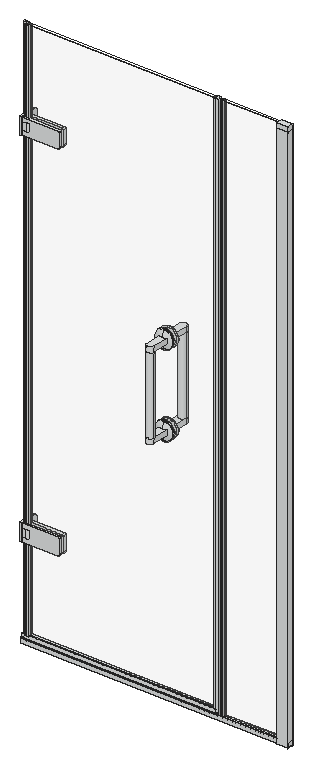
Revit family "Shower-Shower_Door-KOHLER-Components-K-27589_1", category Specialty Equipment, host Face, Revit 2017
Family settings
  Host = Face
  Round Connector Dimension = Use Diameter
  Part Type = Normal
  OmniClass Number = 23.31.17.17
  OmniClass Title = Shower Enclosures
  Cut with Voids When Loaded = No
  Shared = No
  Room Calculation Point = No
Parameters (values of type "SHP- Bright Polished Silver")
  Width [instance] = 34 3/8"
  WaterSense Certified = 1 = 0  # no
  URL = "https://www.us.kohler.com/us/"
  Type = 1
  Product Page URL = "http://www.us.kohler.com/us/catalog/productDetails.jsp?productId=27589-10L"
  Product Name = "Components\r\n"  # constant formula
  Product Documentation Link = "https://www.us.kohler.com/webassets/kpna/catalog/pdf/en/K-27589-10L_spec_US-CA_Kohler_en.pdf"
  Model = if(Type = 1, "K-27589-10L-SHP", if(Type = 2, "K-27589-10L-BNK", if(Type = 3, "K-27589-10L-BL", "NA")))  # "K-27589-10L-SHP"
  Material = "Anodized Aluminium"  # constant formula
  Master Format 2014 Name = "Shower Doors"  # constant formula
  Master Format 2014 = "10 28 19.16"  # constant formula
  Manufacturer Address = "444 Highland Dr, Kohler, WI 53044"  # constant formula
  Manufacturer = "KOHLER Co."  # constant formula
  Length = 6 1/8"  # constant formula
  Height = 71 9/16"  # constant formula
  Finish = Kohler-Metal-SHP-Bright_Polished_Silver
  Environmental Product Declaration = ""
  Description = "Frameless pivot shower door, 71-9/16 Inch H x 33-5/8 - 34-3/8 Inch W, with 3/8 Inch thick Crystal Clear glass"  # constant formula
  Default Elevation = 0"
  Declare Label = ""
  Date Modified = "02/03/2021"  # constant formula
  Date Created = "02/03/2021"  # constant formula
  Copyright = "Copyright KOHLER Co."  # constant formula
  Contact Us = "https://www.us.kohler.com/us/static/contact.jsp"
  Assembly Code = "C1030200"
  ADA Compliant = 1 = 0  # no
Reference planes (in)
  plane 1 "Center (Front/Back)": y = 0
  plane 2: z = 0
  plane 3 "Center (Left/Right)": x = 0
  plane 4: y = 3.0625
  plane 5: y = -3.0625
  plane 6: z = 71.5625
  plane 7: z = 30.6875
  plane 8: z = 41.875
  plane 9: x = 13.15698
  plane 10: x = 3.43258
  plane 11: x = 13.15698
  plane 12: x = -21.21802
  plane 13: x = -2.73189
  plane 14: x = -20.94242
  plane 15: x = -20.23414
  plane 16: x = -16.15537
Dimensions and locks (in)
  "Height": level to plane 6
  plane 8 to plane 7 = 11 3/16"  (x2)
  plane 7 to level = 30 11/16"
  plane 8 to level = 41 7/8"
  locked: plane 10 to plane 11 at 9.7244
  "Width": plane 12 to plane 11
  plane 14 to plane 10 = 24 3/8"
  "Length": plane 4 to plane 5
  plane 12 to plane 14 to plane 15 = 0.2756" locked, 0.70828" locked
  locked: plane 15 to plane 16 at 4.07877
  aligned and locked: plane 2 to host face
  aligned and locked: level to host face
  aligned and locked: plane 9 to nested 1
  aligned and locked: nested 1 to plane 12
Automatic sketch dimensions
  host sketch curve to host sketch curve = 96"  (x2)
Nested families (in)
  nested 1: "K-27589" at (0, 0, 0), type "K-27589"
    with A 34 3/8"
Definition of nested family "K-27589"
  Parameters (values of type "K-27589")
    Material = none
    A = 34 5/8"
  Reference planes (in)
    plane 1 "Center (Front/Back)": y = 0
    plane 2: z = 0
    plane 3 "Center (Left/Right)": x = 0
    plane 4: y = 5.09727
    plane 5: x = -21.46802
    plane 6: z = 71.5625
    plane 7: z = 0.70775
    plane 8: y = -0.35321
    plane 9: y = 0.41651
    plane 10: z = 41.875
    plane 11: z = 30.6875
    plane 12: y = -0.39671
    plane 13: x = -21.19242
    plane 14: x = -16.40537
    plane 15: x = -20.48414
    plane 16: x = -20.52239
    plane 17: x = -16.40537
    plane 18: x = -20.48414
    plane 19: x = -20.52239
    plane 20: x = -21.02589
    plane 21: x = -20.97589
    plane 22: x = -2.73189
    plane 23: x = 3.43258
    plane 24: x = 22.78198
    plane 25: x = 0
    plane 26: x = 13.15698
    plane 27: y = 3.0625
    plane 28: y = -3.0625
  Forms (in)
    Extrusion 1, solid
      sketch origin (0, 0, 0) x (1, 0, 0) y (0, 1, 0)
        loop
          line (-20.97589, 0.19282) -> (-20.97589, -0.18603) -> (3.60705, -0.18603) -> (3.66734, -0.12574) -> (3.66734, 0.13417) -> (3.6087, 0.19282) -> (-20.97589, 0.19282)
        loop
          line (4.55612, 0.23734) -> (4.49441, 0.17564) -> (4.49441, -0.07695) -> (4.55612, -0.13866) -> (11.70233, -0.13866) -> (11.70233, 0.23734) -> (4.55612, 0.23734)
      from 0.60236 to 71.49717
    Extrusion 2, solid, material <- "Material", detail levels medium+fine
      sketch origin (0, 0, 0) x (1, 0, 0) y (0, 1, 0)
        loop
          line (-21.02589, 0.21646) -> (-21.02589, -0.25118)
          arc (-21.02589, -0.25118) -> (-21.01912, -0.26753) -> (-21.00277, -0.2743) r 0.02311
          line (-21.00277, -0.2743) -> (-20.48414, -0.2743) -> (-20.48414, -0.18603) -> (-20.52239, -0.18603) -> (-20.52239, -0.22748) -> (-20.94464, -0.22748)
          arc (-20.94464, -0.22748) -> (-20.96673, -0.21833) -> (-20.97589, -0.19623) r 0.03125
          line (-20.97589, -0.19623) -> (-20.97589, 0.19623)
          arc (-20.97589, 0.19623) -> (-20.96673, 0.21833) -> (-20.94464, 0.22748) r 0.03125
          line (-20.94464, 0.22748) -> (-20.52239, 0.22748) -> (-20.52239, 0.19282) -> (-20.48414, 0.19282) -> (-20.48414, 0.26447) -> (-21.46802, 0.26447) -> (-21.46802, 0.21646) -> (-21.02589, 0.21646)
      from 1.0794 to 71.49717
    Extrusion 3, solid, material <- "Material", detail levels medium+fine
      sketch origin (0, 0, 0) x (0, 1, 0) y (0, 0, 1)
        loop
          line (-0.5031, 60.86004) -> (-0.5031, 58.69468) -> (1.61028, 58.69468)
          arc (1.61028, 58.69468) -> (1.74839, 58.75189) -> (1.80559, 58.89) r 0.19531
          line (1.80559, 58.89) -> (1.80559, 60.66519)
          arc (1.80559, 60.66519) -> (1.74852, 60.80297) -> (1.61074, 60.86004) r 0.19485
          line (1.61074, 60.86004) -> (-0.5031, 60.86004)
      from -21.46802 to -21.19242
    Extrusion 4, solid, material <- "Material", detail levels medium+fine
      sketch origin (0, 0, 0) x (1, 0, 0) y (0, 0, 1)
        loop
          line (-16.60068, 60.84843) -> (-21.19242, 60.84843) -> (-21.19242, 60.26807) -> (-20.24909, 60.26807)
          arc (-20.24909, 60.26807) -> (-20.23408, 60.26185) -> (-20.22785, 60.24683) r 0.02124
          line (-20.22785, 60.24683) -> (-20.22785, 59.28625)
          arc (-20.22785, 59.28625) -> (-20.23433, 59.27061) -> (-20.24998, 59.26413) r 0.02212
          line (-20.24998, 59.26413) -> (-21.19242, 59.26413) -> (-21.19242, 58.68342) -> (-16.60068, 58.68342)
          arc (-16.60068, 58.68342) -> (-16.46257, 58.74063) -> (-16.40537, 58.87874) r 0.19531
          line (-16.40537, 58.87874) -> (-16.40537, 60.65312)
          arc (-16.40537, 60.65312) -> (-16.46257, 60.79122) -> (-16.60068, 60.84843) r 0.19531
      from -0.56334 to 0.46162
    Extrusion 5, solid, material <- "Material", detail levels medium+fine
      sketch origin (0, 0, 0) x (1, 0, 0) y (0, 1, 0)
        loop
          line (-21.19242, 0.32578) -> (-21.19242, -0.46162) -> (-20.62227, -0.46162)
          arc (-20.62227, -0.46162) -> (-20.22857, -0.06792) -> (-20.62227, 0.32578) r 0.3937
          line (-20.62227, 0.32578) -> (-21.19242, 0.32578)
      from 59.26413 to 60.26807
    Extrusion 6, solid, material <- "Material", detail levels medium+fine
      sketch origin (0, 0, -46.8179) x (0, 1, 0) y (0, 0, 1)
        loop
          line (-0.5031, 60.84499) -> (-0.5031, 58.67999) -> (1.61028, 58.67999)
          arc (1.61028, 58.67999) -> (1.74839, 58.73719) -> (1.80559, 58.8753) r 0.19531
          line (1.80559, 58.8753) -> (1.80559, 60.65015)
          arc (1.80559, 60.65015) -> (1.74852, 60.78792) -> (1.61074, 60.84499) r 0.19485
          line (1.61074, 60.84499) -> (-0.5031, 60.84499)
      from -21.46802 to -21.19242
    Extrusion 7, solid, material <- "Material", detail levels medium+fine
      sketch origin (0, 0, 0) x (0, 1, 0) y (0, 0, 1)
        loop
          line (0.29381, 0.60236) -> (-0.29441, 0.60236)
          arc (-0.29441, 0.60236) -> (-0.30829, 0.59661) -> (-0.31403, 0.58273) r 0.01963
          line (-0.31403, 0.58273) -> (-0.31403, 0) -> (-0.26679, 0) -> (-0.26679, 0.05855)
          arc (-0.26679, 0.05855) -> (-0.26088, 0.07283) -> (-0.2466, 0.07874) r 0.02019
          line (-0.2466, 0.07874) -> (0.24763, 0.07874)
          arc (0.24763, 0.07874) -> (0.26249, 0.07258) -> (0.26864, 0.05772) r 0.02102
          line (0.26864, 0.05772) -> (0.26864, 0) -> (0.31589, 0) -> (0.31589, 0.58029)
          arc (0.31589, 0.58029) -> (0.30942, 0.5959) -> (0.29381, 0.60236) r 0.02207
      from -21.46802 to 13.15698
    Extrusion 8, solid, material <- "Material", detail levels medium+fine
      sketch origin (0, 0, 0) x (0, 1, 0) y (0, 0, 1)
        loop
          line (0.25467, 1.05624) -> (0.2466, 1.1751)
          arc (0.2466, 1.1751) -> (0.23963, 1.18976) -> (0.22452, 1.19572) r 0.02212
          line (0.22452, 1.19572) -> (-0.20277, 1.19572)
          arc (-0.20277, 1.19572) -> (-0.21774, 1.18981) -> (-0.22465, 1.17527) r 0.02194
          line (-0.22465, 1.17527) -> (-0.25676, 0.70264) -> (-0.29012, 0.70615)
          arc (-0.29012, 0.70615) -> (-0.30687, 0.70071) -> (-0.31403, 0.68462) r 0.02165
          line (-0.31403, 0.68462) -> (-0.31403, 0.62353)
          arc (-0.31403, 0.62353) -> (-0.30783, 0.60856) -> (-0.29287, 0.60236) r 0.02117
          line (-0.29287, 0.60236) -> (0.23734, 0.60236) -> (0.23734, 1.0178) -> (0.68158, 0.86671)
          arc (0.68158, 0.86671) -> (0.70152, 0.87639) -> (0.69206, 0.89643) r 0.01576
          line (0.69206, 0.89643) -> (0.25467, 1.05624)
      from -21.46802 to 3.95989
    Extrusion 9, void
      sketch origin (0, 0, 0) x (1, 0, 0) y (0, 0, 1)
        loop
          line (-20.97589, 1.19572) -> (-20.97589, 0.32822) -> (4.10749, 0.32822) -> (4.10749, 1.19572) -> (-20.97589, 1.19572)
      from -2.40664 to 15.24149
    Extrusion 10, solid, material <- "Material", detail levels medium+fine
      sketch origin (0, 0, -46.82134) x (1, 0, 0) y (0, 0, 1)
        loop
          line (-16.60068, 60.84843) -> (-21.19242, 60.84843) -> (-21.19242, 60.26807) -> (-20.24909, 60.26807)
          arc (-20.24909, 60.26807) -> (-20.23408, 60.26185) -> (-20.22785, 60.24683) r 0.02124
          line (-20.22785, 60.24683) -> (-20.22785, 59.28625)
          arc (-20.22785, 59.28625) -> (-20.23433, 59.27061) -> (-20.24998, 59.26413) r 0.02212
          line (-20.24998, 59.26413) -> (-21.19242, 59.26413) -> (-21.19242, 58.68342) -> (-16.60068, 58.68342)
          arc (-16.60068, 58.68342) -> (-16.46257, 58.74063) -> (-16.40537, 58.87874) r 0.19531
          line (-16.40537, 58.87874) -> (-16.40537, 60.65312)
          arc (-16.40537, 60.65312) -> (-16.46257, 60.79122) -> (-16.60068, 60.84843) r 0.19531
      from -0.56334 to 0.46162
    Extrusion 11, void
      sketch origin (0, 0, 0) x (1, 0, 0) y (0, 0, 1)
        loop
          line (-21.46802, 58.69468) -> (-19.76286, 58.69468) -> (-19.76286, 60.85969) -> (-21.46802, 60.85969) -> (-21.46802, 58.69468)
        loop
          line (-21.46802, 11.86209) -> (-19.76286, 11.86209) -> (-19.76286, 14.02709) -> (-21.46802, 14.02709) -> (-21.46802, 11.86209)
      from 1 to -2
    Extrusion 12, solid, material <- "Material", detail levels medium+fine
      sketch origin (0, 0, 0) x (1, 0, 0) y (0, 1, 0)
        loop
          line (-21.19242, 0.32578) -> (-21.19242, -0.46162) -> (-20.67324, -0.46162)
          arc (-20.67324, -0.46162) -> (-20.27954, -0.06792) -> (-20.67324, 0.32578) r 0.3937
          line (-20.67324, 0.32578) -> (-21.19242, 0.32578)
      from 12.4428 to 13.44673
    Extrusion 13, void
      sketch origin (0, 0, 0) x (1, 0, 0) y (0, 1, 0)
        loop
          line (-20.97589, 0.19282) -> (-20.97589, -0.18603) -> (-16.31528, -0.18603) -> (-16.31528, 0.19282) -> (-20.97589, 0.19282)
      from 5.2978 to 78.02694
    Extrusion 14, solid, material <- "Material", detail levels coarse
      sketch origin (0, 0, 0) x (1, 0, 0) y (0, 0, 1)
        loop
          line (-21.46802, 60.86004) -> (-21.46802, 58.69468) -> (-16.40537, 58.69468) -> (-16.40537, 60.86004) -> (-21.46802, 60.86004)
        loop
          line (-21.46802, 14.02709) -> (-21.46802, 11.86209) -> (-16.40537, 11.86209) -> (-16.40537, 14.02709) -> (-21.46802, 14.02709)
      from -1.28247 to 0.46162
    Extrusion 15, solid, material <- "Material", detail levels coarse
      sketch origin (0, 0, 0) x (1, 0, 0) y (0, 0, 1)
        loop
          line (-21.46802, 1.0024) -> (-21.46802, 0) -> (13.15698, 0) -> (13.15698, 1.0024) -> (-21.46802, 1.0024)
      from -0.46253 to 0.39671
    Extrusion 16, solid, material <- "Material", detail levels medium+fine
      sketch origin (-0.57921, 0, 0) x (1, 0, 0) y (0, 1, 0)
        loop
          line (4.76843, -0.11955) -> (4.43498, 0.2139)
          arc (4.43498, 0.2139) -> (4.36306, 0.25903) -> (4.27868, 0.26837) r 0.19025
          line (4.27868, 0.26837) -> (4.06485, 0.24374)
          arc (4.06485, 0.24374) -> (4.03024, 0.2278) -> (4.01179, 0.19447) r 0.06114
          line (4.01179, 0.19447) -> (4.09398, 0.19447)
          arc (4.09398, 0.19447) -> (4.1127, 0.20652) -> (4.13423, 0.21217) r 0.07088
          arc (4.13423, 0.21217) -> (4.17745, 0.21598) -> (4.22075, 0.21882) r 1.93907
          arc (4.22075, 0.21882) -> (4.23891, 0.21215) -> (4.24656, 0.19438) r 0.02447
          line (4.24656, 0.19438) -> (4.24656, -0.17201)
          arc (4.24656, -0.17201) -> (4.23965, -0.18866) -> (4.223, -0.19555) r 0.02354
          arc (4.223, -0.19555) -> (4.15583, -0.19314) -> (4.089, -0.18603) r 0.95941
          line (4.089, -0.18603) -> (4.01224, -0.18603)
          arc (4.01224, -0.18603) -> (4.03019, -0.2097) -> (4.05764, -0.22105) r 0.0567
          arc (4.05764, -0.22105) -> (4.18698, -0.23575) -> (4.31668, -0.24691) r 4.75588
          arc (4.31668, -0.24691) -> (4.527, -0.24877) -> (4.73586, -0.22404) r 1.66165
          arc (4.73586, -0.22404) -> (4.78373, -0.18164) -> (4.76843, -0.11955) r 0.06181
        loop
          line (4.55484, 0.1381) -> (4.89519, -0.20226)
          arc (4.89519, -0.20226) -> (4.94638, -0.23545) -> (5.00667, -0.24486) r 0.14621
          arc (5.00667, -0.24486) -> (5.13191, -0.23596) -> (5.25682, -0.22319) r 4.04578
          arc (5.25682, -0.22319) -> (5.30228, -0.1931) -> (5.30508, -0.13866) r 0.06051
          line (5.30508, -0.13866) -> (5.2262, -0.13866) -> (5.2262, -0.1737)
          arc (5.2262, -0.1737) -> (5.16113, -0.18268) -> (5.09544, -0.18238) r 0.46473
          arc (5.09544, -0.18238) -> (5.07971, -0.1748) -> (5.07333, -0.15855) r 0.0239
          line (5.07333, -0.15855) -> (5.07333, 0.19465)
          arc (5.07333, 0.19465) -> (5.08583, 0.22484) -> (5.11602, 0.23734) r 0.04269
          line (5.11602, 0.23734) -> (5.29932, 0.23734)
          arc (5.29932, 0.23734) -> (5.1862, 0.25438) -> (5.072, 0.26124) r 1.27776
          arc (5.072, 0.26124) -> (4.8319, 0.2583) -> (4.59232, 0.24223) r 4.38502
          arc (4.59232, 0.24223) -> (4.54054, 0.20205) -> (4.55484, 0.1381) r 0.06116
      from 0.55906 to 71.49717
    Extrusion 17, solid, material <- "Material", detail levels coarse
      sketch origin (-4.01179, 0, 0) x (1, 0, 0) y (0, 1, 0)
        loop
          line (8.80229, 0.27406) -> (7.44437, 0.27406) -> (7.44437, 0.19447) -> (7.61913, 0.19447) -> (7.67913, 0.13447) -> (7.67913, -0.12603) -> (7.61913, -0.18603) -> (7.44437, -0.18603) -> (7.44437, -0.25676) -> (8.80229, -0.25676) -> (8.80229, -0.13866) -> (8.56791, -0.13866) -> (8.50591, -0.07666) -> (8.50591, 0.17534) -> (8.56791, 0.23734) -> (8.80229, 0.23734) -> (8.80229, 0.27406)
        loop
          line (17.16877, -0.39671) -> (17.16877, 0.46253) -> (15.71436, 0.46253) -> (15.71436, -0.39671) -> (17.16877, -0.39671)
        loop
          line (-17.45623, 0.30738) -> (-17.45623, -0.31655) -> (-16.47235, -0.31655) -> (-16.47235, -0.18603) -> (-16.9641, -0.18603) -> (-16.9641, 0.19282) -> (-16.47235, 0.19282) -> (-16.47235, 0.30738) -> (-17.45623, 0.30738)
      from 0 to 71.49717
    Extrusion 18, solid, material <- "Material", detail levels medium+fine
      sketch origin (-19.40545, 0, 0) x (1, 0, 0) y (0, 1, 0)
        loop
          line (31.13121, -0.39671) -> (32.53899, -0.39671)
          arc (32.53899, -0.39671) -> (32.55556, -0.38985) -> (32.56243, -0.37327) r 0.02344
          line (32.56243, -0.37327) -> (32.56243, 0.39307)
          arc (32.56243, 0.39307) -> (32.55556, 0.40964) -> (32.53899, 0.41651) r 0.02344
          line (32.53899, 0.41651) -> (31.13221, 0.41651)
          arc (31.13221, 0.41651) -> (31.11493, 0.40935) -> (31.10778, 0.39207) r 0.02444
          line (31.10778, 0.39207) -> (31.10778, -0.13866) -> (30.9775, -0.13866) -> (31.05671, -0.23873)
          arc (31.05671, -0.23873) -> (31.0805, -0.25299) -> (31.10778, -0.24799) r 0.03927
          line (31.10778, -0.24799) -> (31.10778, -0.37327)
          arc (31.10778, -0.37327) -> (31.11464, -0.38985) -> (31.13121, -0.39671) r 0.02344
      from 0 to 70.9789
    Extrusion 19, solid, material <- "Material", detail levels medium+fine
      sketch origin (-19.40545, 0, 0) x (1, 0, 0) y (0, 1, 0)
        loop
          line (32.53899, 0.41651) -> (31.13221, 0.41651)
          arc (31.13221, 0.41651) -> (31.11493, 0.40935) -> (31.10778, 0.39207) r 0.02444
          line (31.10778, 0.39207) -> (31.10778, -0.37327)
          arc (31.10778, -0.37327) -> (31.11464, -0.38985) -> (31.13121, -0.39671) r 0.02344
          line (31.13121, -0.39671) -> (32.53899, -0.39671)
          arc (32.53899, -0.39671) -> (32.55556, -0.38985) -> (32.56243, -0.37327) r 0.02344
          line (32.56243, -0.37327) -> (32.56243, 0.39307)
          arc (32.56243, 0.39307) -> (32.55556, 0.40964) -> (32.53899, 0.41651) r 0.02344
      from 70.9789 to 71.57874
    Extrusion 20, solid, material <- "Material"
      sketch origin (-7.03101, 0, 0) x (1, 0, 0) y (0, 1, 0)
        loop
          line (3.83061, -0.30083) -> (3.83061, -2.59488)
          arc (3.83061, -2.59488) -> (4.29912, -3.06338) -> (4.76762, -2.59488) r 0.4685
          line (4.76762, -2.59488) -> (4.76762, -0.30083) -> (3.83061, -0.30083)
      from 41.23395 to 41.875
    Extrusion 21, solid, material <- "Material"
      sketch origin (-7.03101, 0, 0) x (1, 0, 0) y (0, 1, 0)
        loop
          circle (4.29912, -2.59488) r 0.4685
      from 31.32855 to 41.23395
    Extrusion 22, solid, material <- "Material"
      sketch origin (-7.03101, 0, -10.54645) x (1, 0, 0) y (0, 1, 0)
        loop
          line (3.83061, -0.31874) -> (3.83061, -2.59488)
          arc (3.83061, -2.59488) -> (4.29912, -3.06338) -> (4.76762, -2.59488) r 0.4685
          line (4.76762, -2.59488) -> (4.76762, -0.31874) -> (3.83061, -0.31874)
      from 41.23395 to 41.875
    Revolve 23, solid, material <- "Material"
      sketch origin (-2.73189, -2.0625, 47.65181) x (0, -1, 0) y (0, 0, 1)
        loop
          line (-1.40048, -6.09749) -> (-1.83817, -6.09749) -> (-1.83817, -7.27859) -> (-1.67926, -7.27859)
          arc (-1.67926, -7.27859) -> (-1.661, -7.27228) -> (-1.65054, -7.25605) r 0.02956
          line (-1.65054, -7.25605) -> (-1.43676, -6.38162)
          arc (-1.43676, -6.38162) -> (-1.4106, -6.24058) -> (-1.40048, -6.09749) r 1.27232
        axis (-1.83817, -6.09749) -> (-1.40048, -6.09749)
      angle from 0 to 360
    Revolve 24, solid, material <- "Material"
      sketch origin (-2.73189, -2.0625, 37.10536) x (0, -1, 0) y (0, 0, 1)
        loop
          line (-1.40048, -6.09749) -> (-1.83817, -6.09749) -> (-1.83817, -7.27859) -> (-1.67926, -7.27859)
          arc (-1.67926, -7.27859) -> (-1.661, -7.27228) -> (-1.65054, -7.25605) r 0.02956
          line (-1.65054, -7.25605) -> (-1.43676, -6.38162)
          arc (-1.43676, -6.38162) -> (-1.4106, -6.24058) -> (-1.40048, -6.09749) r 1.27232
        axis (-1.83817, -6.09749) -> (-1.40048, -6.09749)
      angle from 0 to 360
    Extrusion 25, solid, material <- "Material"
      sketch origin (-7.03101, 0, 0) x (1, 0, 0) y (0, 1, 0)
        loop
          line (3.83061, 0.30083) -> (4.76762, 0.30083) -> (4.76762, 2.59488)
          arc (4.76762, 2.59488) -> (4.29912, 3.06338) -> (3.83061, 2.59488) r 0.4685
          line (3.83061, 2.59488) -> (3.83061, 0.30083)
      from 41.23395 to 41.875
    Extrusion 26, solid, material <- "Material"
      sketch origin (-7.03101, 0, 0) x (1, 0, 0) y (0, 1, 0)
        loop
          circle (4.29912, 2.59488) r 0.4685
      from 31.32855 to 41.23395
    Extrusion 27, solid, material <- "Material"
      sketch origin (-7.03101, 0, -10.54645) x (1, 0, 0) y (0, 1, 0)
        loop
          line (3.83061, 0.31874) -> (4.76762, 0.31874) -> (4.76762, 2.59488)
          arc (4.76762, 2.59488) -> (4.29912, 3.06338) -> (3.83061, 2.59488) r 0.4685
          line (3.83061, 2.59488) -> (3.83061, 0.31874)
      from 41.23395 to 41.875
    Revolve 28, solid, material <- "Material"
      sketch origin (-2.73189, 2.0625, 47.65181) x (0, 1, 0) y (0, 0, -1)
        loop
          arc (-1.40048, 6.09749) -> (-1.4106, 6.24058) -> (-1.43676, 6.38162) r 1.27232
          line (-1.43676, 6.38162) -> (-1.65054, 7.25605)
          arc (-1.65054, 7.25605) -> (-1.661, 7.27228) -> (-1.67926, 7.27859) r 0.02956
          line (-1.67926, 7.27859) -> (-1.83817, 7.27859) -> (-1.83817, 6.09749) -> (-1.40048, 6.09749)
        axis (-1.83817, 6.09749) -> (-1.40048, 6.09749)
      angle from 0 to 360
    Revolve 29, solid, material <- "Material"
      sketch origin (-2.73189, 2.0625, 37.10536) x (0, 1, 0) y (0, 0, -1)
        loop
          arc (-1.40048, 6.09749) -> (-1.4106, 6.24058) -> (-1.43676, 6.38162) r 1.27232
          line (-1.43676, 6.38162) -> (-1.65054, 7.25605)
          arc (-1.65054, 7.25605) -> (-1.661, 7.27228) -> (-1.67926, 7.27859) r 0.02956
          line (-1.67926, 7.27859) -> (-1.83817, 7.27859) -> (-1.83817, 6.09749) -> (-1.40048, 6.09749)
        axis (-1.83817, 6.09749) -> (-1.40048, 6.09749)
      angle from 0 to 360
  Cuts and joins
    Extrusion 9 cuts Extrusion 1
    Extrusion 13 cuts Extrusion 4
    joined: Extrusion 3, Extrusion 4, Extrusion 6, Extrusion 8
    Extrusion 11 cuts Extrusion 2
    joined: Extrusion 2, Extrusion 5, Extrusion 7
    Extrusion 13 cuts Extrusion 14
    joined: Extrusion 14, Extrusion 15
    Extrusion 13 cuts Extrusion 10
    Extrusion 13 cuts Extrusion 12
  Lines and regions (in)
    Masking region 1
      outline origin (0, 0, 0) x (1, 0, 0) y (0, 1, 0)
        loop
          line (-21.46802, 1.80559) -> (-21.46802, -0.5031) -> (-21.19242, -0.5031) -> (-21.19242, -0.46162) -> (-16.40537, -0.46162) -> (-16.40537, -0.31403) -> (-3.91404, -0.31403) -> (-3.91404, -0.38184)
          arc (-3.91404, -0.38184) -> (-3.90647, -0.40382) -> (-3.88697, -0.41648) r 0.0357
          line (-3.88697, -0.41648) -> (-3.2004, -0.58766) -> (-3.2004, -2.59488)
          arc (-3.2004, -2.59488) -> (-2.73189, -3.06338) -> (-2.26339, -2.59488) r 0.4685
          line (-2.26339, -2.59488) -> (-2.26339, -0.58766) -> (-1.57682, -0.41648)
          arc (-1.57682, -0.41648) -> (-1.55732, -0.40382) -> (-1.54975, -0.38184) r 0.0357
          line (-1.54975, -0.38184) -> (-1.54975, -0.31403) -> (11.70233, -0.31403) -> (11.70233, -0.37165)
          arc (11.70233, -0.37165) -> (11.70967, -0.38937) -> (11.72739, -0.39671) r 0.02506
          line (11.72739, -0.39671) -> (13.13354, -0.39671)
          arc (13.13354, -0.39671) -> (13.15012, -0.38985) -> (13.15698, -0.37327) r 0.02344
          line (13.15698, -0.37327) -> (13.15698, 0.39307)
          arc (13.15698, 0.39307) -> (13.15012, 0.40964) -> (13.13354, 0.41651) r 0.02344
          line (13.13354, 0.41651) -> (11.72705, 0.41651)
          arc (11.72705, 0.41651) -> (11.70957, 0.40927) -> (11.70233, 0.39179) r 0.02472
          line (11.70233, 0.39179) -> (11.70233, 0.31589) -> (3.95989, 0.31589) -> (3.95989, 0.70242) -> (-2.26339, 0.70242) -> (-2.26339, 2.59488)
          arc (-2.26339, 2.59488) -> (-2.73189, 3.06338) -> (-3.2004, 2.59488) r 0.4685
          line (-3.2004, 2.59488) -> (-3.2004, 0.70242) -> (-21.19242, 0.70242) -> (-21.19242, 1.80559) -> (-21.46802, 1.80559)
    Masking region 2
      outline origin (0, 0, 0) x (1, 0, 0) y (0, 0, 1)
        loop
          line (13.13328, 71.5625) -> (11.70233, 71.5625) -> (11.70233, 71.50843) -> (-21.46802, 71.50843) -> (-21.46802, 0) -> (13.15698, 0) -> (13.15698, 71.5388)
          arc (13.15698, 71.5388) -> (13.15004, 71.55556) -> (13.13328, 71.5625) r 0.0237
    Masking region 3
      outline origin (0, 0, 0) x (0, 1, 0) y (0, 0, 1)
        loop
          line (0.67092, 41.875) -> (0.67092, 58.69125) -> (1.61028, 58.69125)
          arc (1.61028, 58.69125) -> (1.74839, 58.74845) -> (1.80559, 58.88656) r 0.19531
          line (1.80559, 58.88656) -> (1.80559, 60.66519)
          arc (1.80559, 60.66519) -> (1.74852, 60.80297) -> (1.61074, 60.86004) r 0.19485
          line (1.61074, 60.86004) -> (0.67092, 60.86004) -> (0.67092, 71.5625) -> (-0.39671, 71.5625) -> (-0.39671, 60.86004) -> (-0.5031, 60.86004) -> (-0.5031, 58.69125) -> (-0.46162, 58.69468) -> (-0.39671, 58.69468) -> (-0.39671, 42.76095) -> (-0.6176, 41.875) -> (-3.03125, 41.875)
          arc (-3.03125, 41.875) -> (-3.05335, 41.86585) -> (-3.0625, 41.84375) r 0.03125
          line (-3.0625, 41.84375) -> (-3.0625, 30.71875)
          arc (-3.0625, 30.71875) -> (-3.05335, 30.69665) -> (-3.03125, 30.6875) r 0.03125
          line (-3.03125, 30.6875) -> (-0.6176, 30.6875) -> (-0.39671, 29.80155) -> (-0.39671, 14.03053) -> (-0.46162, 14.03053) -> (-0.5031, 14.03053) -> (-0.5031, 11.86209) -> (-0.46162, 11.86552) -> (-0.39671, 11.86552) -> (-0.39671, 0) -> (0.41651, 0) -> (0.41651, 0.95686) -> (0.68158, 0.86671)
          arc (0.68158, 0.86671) -> (0.70152, 0.87639) -> (0.69206, 0.89643) r 0.01576
          line (0.69206, 0.89643) -> (0.41651, 0.99711) -> (0.41651, 1.0794) -> (0.67092, 1.0794) -> (0.67092, 11.86209) -> (1.61028, 11.86209)
          arc (1.61028, 11.86209) -> (1.74839, 11.91929) -> (1.80559, 12.0574) r 0.19531
          line (1.80559, 12.0574) -> (1.80559, 13.83603)
          arc (1.80559, 13.83603) -> (1.74852, 13.97381) -> (1.61074, 14.03088) r 0.19485
          line (1.61074, 14.03088) -> (0.67092, 14.03088) -> (0.67092, 30.6875) -> (3.03125, 30.6875)
          arc (3.03125, 30.6875) -> (3.05335, 30.69665) -> (3.0625, 30.71875) r 0.03125
          line (3.0625, 30.71875) -> (3.0625, 41.84375)
          arc (3.0625, 41.84375) -> (3.05335, 41.86585) -> (3.03125, 41.875) r 0.03125
          line (3.03125, 41.875) -> (0.67092, 41.875)
        loop
          line (0.67092, 31.32855) -> (2.0625, 31.32855) -> (2.0625, 41.23395) -> (0.67092, 41.23395) -> (0.67092, 35.41588) -> (0.67092, 31.32855)
        loop
          line (-0.39671, 40.348) -> (-0.6176, 41.23395) -> (-2.0625, 41.23395) -> (-2.0625, 31.32855) -> (-0.6176, 31.32855) -> (-0.39671, 32.2145) -> (-0.39671, 35.71866) -> (-0.39671, 40.348)
    symbolic lines, detail levels medium+fine
      curve 1: line (3.60928, 0.19282, 0) -> (-20.97589, 0.19282, 0)
      curve 2: line (-20.97589, -0.18603, 0) -> (3.60764, -0.18603, 0)
      curve 3: line (-16.40537, 0.56334, 0) -> (-21.19242, 0.56334, 0)
      curve 4: line (-16.40537, 0.56334, 0) -> (-16.40537, 0.25467, 0)
      curve 5: line (-16.40537, 0.25467, 0) -> (-16.40537, 0.19282, 0)
      curve 6: line (-16.40537, 0.25467, 0) -> (-3.91404, 0.25467, 0)
      curve 7: line (-16.40537, -0.46162, 0) -> (-16.40537, -0.18603, 0)
      curve 8: line (-16.40537, -0.25676, 0) -> (-3.91404, -0.25676, 0)
      curve 9: line (3.66764, 0.13447, 0) -> (-20.97589, 0.13447, 0)
      curve 10: line (-20.97589, -0.12603, 0) -> (3.66764, -0.12603, 0)
      curve 11: line (4.55641, -0.13866, 0) -> (11.70233, -0.13866, 0)
      curve 12: line (11.70233, 0.23734, 0) -> (4.55641, 0.23734, 0)
      curve 13: line (4.49441, 0.17534, 0) -> (11.70233, 0.17534, 0)
      curve 14: line (4.49441, -0.07666, 0) -> (11.70233, -0.07666, 0)
      curve 15: line (11.70233, -0.33053, 0) -> (11.70233, 0.31589, 0)
      curve 16: line (-20.48414, 0, 0.86671) -> (4.01355, 0, 0.86671)
      curve 17: line (-21.46802, 0, 0.60236) -> (11.70233, 0, 0.60236)
      curve 18: line (-21.46802, 0, 0.70775) -> (4.01355, 0, 0.70775)
      curve 19: line (11.67663, 0, 0.70775) -> (4.73148, 0, 0.70775)
      curve 20: line (-20.48414, 0, 1.19572) -> (4.01355, 0, 1.19572)
      curve 21: line (0, -0.39671, 14.03053) -> (0, -0.39671, 11.86552)
      curve 22: line (0, -0.46162, 11.86552) -> (0, -0.46162, 14.03053)
      curve 23: line (0, 0.41651, 14.03088) -> (0, 1.20341, 14.03088)
      curve 24: line (0, 0.67092, 11.86209) -> (0, 0.41651, 11.86209)
      curve 25: line (0, 0.56334, 14.03088) -> (0, 0.56334, 11.86209)
      curve 26: line (0, 0.41651, 1.0794) -> (0, 0.41651, 71.5625)
      curve 27: line (0, -0.39671, 60.87919) -> (0, -0.39671, 58.69125)
      curve 28: line (0, -0.46162, 58.69468) -> (0, -0.46162, 60.86004)
      curve 29: line (0, 0.41651, 60.86004) -> (0, 1.20341, 60.86004)
      curve 30: line (0, 0.67093, 58.69125) -> (0, 0.41651, 58.69125)
      curve 31: line (0, 0.56334, 60.86004) -> (0, 0.56334, 58.69125)
      curve 32: line (0, -0.13285, 66.90784) -> (0, 0.09125, 66.90784)
      curve 33: line (0, 0.09125, 66.63142) -> (0, -0.13285, 66.63142)
      curve 34: arc (0, 0.09125, 66.90784) -> (0, 0.22946, 66.76963) -> (0, 0.09125, 66.63142) r 0.13821
      curve 35: arc (0, -0.13285, 66.63142) -> (0, -0.27106, 66.76963) -> (0, -0.13285, 66.90784) r 0.13821
      curve 36: line (0, 0.63117, 71.5625) -> (0, 0.63117, 60.86004)
      curve 37: line (0, 0.63117, 58.69125) -> (0, 0.63117, 41.875)
      curve 38: line (0, 0.63117, 11.86209) -> (0, 0.63117, 1.08034)
      curve 39: line (0, -0.39671, 32.91588) -> (0, -0.39671, 28.91588)
      curve 40: line (0, -0.16426, 7.00236) -> (0, 0.19263, 7.00236)
      curve 41: line (0, 0.19263, 6.75236) -> (0, -0.16426, 6.75236)
      curve 42: arc (0, -0.16426, 6.75236) -> (0, -0.28926, 6.87736) -> (0, -0.16426, 7.00236) r 0.125
      curve 43: arc (0, 0.19263, 7.00236) -> (0, 0.31763, 6.87736) -> (0, 0.19263, 6.75236) r 0.125
      curve 44: line (0, -0.16426, 36.68045) -> (0, 0.19263, 36.68045)
      curve 45: line (0, 0.19263, 36.43045) -> (0, -0.16426, 36.43045)
      curve 46: arc (0, -0.16426, 36.43045) -> (0, -0.28926, 36.55545) -> (0, -0.16426, 36.68045) r 0.125
      curve 47: arc (0, 0.19263, 36.68045) -> (0, 0.31763, 36.55545) -> (0, 0.19263, 36.43045) r 0.125
      curve 48: line (0, -0.35321, 0) -> (0, -0.35321, 71.5625)
      curve 49: line (0, 0.37695, 0) -> (0, 0.37695, 71.5625)
      curve 50: line (0, 0.41651, 1.1378) -> (0, 0.41651, 0.83697)
      curve 51: line (-20.48414, 0, 71.38354) -> (3.43303, 0, 71.38354)
      curve 52: line (4.73148, 0, 71.38354) -> (11.70233, 0, 71.38354)
      curve 53: line (0, 0.63117, 30.6875) -> (0, 0.63117, 14.03088)
      curve 54: line (0, 0.67092, 30.6875) -> (0, 0.41651, 30.6875)
      curve 55: line (0, 0.67092, 41.875) -> (0, 0.67092, 41.99317)
      curve 56: line (0, 0.63117, 41.23395) -> (0, 0.63117, 31.32855)
      curve 57: line (0, 0.67092, 41.875) -> (0, 0.41651, 41.875)
      curve 58: line (-20.48414, 0.26447, 0) -> (-21.46802, 0.26447, 0)
      curve 59: line (-21.46802, 0.21646, 0) -> (-21.02589, 0.21646, 0)
      curve 60: line (-21.02589, 0.21646, 0) -> (-21.02589, -0.25118, 0)
      curve 61: arc (-21.02589, -0.25118, 0) -> (-21.01912, -0.26753, 0) -> (-21.00277, -0.2743, 0) r 0.02311
      curve 62: arc (-20.94464, -0.22748, 0) -> (-20.96673, -0.21833, 0) -> (-20.97589, -0.19623, 0) r 0.03125
      curve 63: line (-20.97589, -0.19623, 0) -> (-20.97589, 0.19623, 0)
      curve 64: arc (-20.97589, 0.19623, 0) -> (-20.96673, 0.21833, 0) -> (-20.94464, 0.22748, 0) r 0.03125
      curve 65: line (-20.94464, 0.22748, 0) -> (-20.52239, 0.22748, 0)
      curve 66: line (-20.52239, 0.22748, 0) -> (-20.52239, 0.19282, 0)
      curve 67: line (-20.52239, -0.22748, 0) -> (-20.94464, -0.22748, 0)
      curve 68: line (-20.52239, -0.18603, 0) -> (-20.52239, -0.22748, 0)
      curve 69: line (-20.48414, -0.2743, 0) -> (-20.48414, -0.18603, 0)
      curve 70: line (-21.00277, -0.2743, 0) -> (-20.48414, -0.2743, 0)
      curve 71: line (-20.48414, 0.19282, 0) -> (-20.48414, 0.26447, 0)
      curve 72: line (-21.46802, 0, 60.86004) -> (-16.60078, 0, 60.86004)
      curve 73: line (-16.40537, 0, 60.66462) -> (-16.40537, 0, 58.89184)
      curve 74: arc (-16.60078, 0, 60.86004) -> (-16.4626, 0, 60.8028) -> (-16.40537, 0, 60.66462) r 0.19541
      curve 75: line (-21.46802, 0, 58.69468) -> (-16.60252, 0, 58.69468)
      curve 76: arc (-16.40537, 0, 58.89184) -> (-16.46311, 0, 58.75243) -> (-16.60252, 0, 58.69468) r 0.19715
      curve 77: line (-21.19242, 0, 60.86004) -> (-21.19242, 0, 58.69468)
      curve 78: line (-20.22785, 0, 60.25248) -> (-20.22785, 0, 59.29505)
      curve 79: line (-20.24752, 0, 59.27539) -> (-21.19242, 0, 59.27539)
      curve 80: line (-20.2547, 0, 60.27933) -> (-21.19242, 0, 60.27933)
      curve 81: arc (-20.22785, 0, 60.25248) -> (-20.23572, 0, 60.27147) -> (-20.2547, 0, 60.27933) r 0.02685
      curve 82: arc (-20.22785, 0, 59.29505) -> (-20.23361, 0, 59.28115) -> (-20.24752, 0, 59.27539) r 0.01966
      curve 83: line (-21.46802, 0, 14.02709) -> (-16.60078, 0, 14.02709)
      curve 84: line (-16.40537, 0, 13.83168) -> (-16.40537, 0, 12.05889)
      curve 85: arc (-16.60078, 0, 14.02709) -> (-16.4626, 0, 13.96986) -> (-16.40537, 0, 13.83168) r 0.19541
      curve 86: line (-21.46802, 0, 11.86174) -> (-16.60252, 0, 11.86174)
      curve 87: arc (-16.40537, 0, 12.05889) -> (-16.46311, 0, 11.91948) -> (-16.60252, 0, 11.86174) r 0.19715
      curve 88: line (-21.19242, 0, 14.02709) -> (-21.19242, 0, 11.86174)
      curve 89: line (-20.22785, 0, 13.41954) -> (-20.22785, 0, 12.46211)
      curve 90: line (-20.24752, 0, 12.44245) -> (-21.19242, 0, 12.44245)
      curve 91: line (-20.2547, 0, 13.44639) -> (-21.19242, 0, 13.44639)
      curve 92: arc (-20.22785, 0, 13.41954) -> (-20.23572, 0, 13.43852) -> (-20.2547, 0, 13.44639) r 0.02685
      curve 93: arc (-20.22785, 0, 12.46211) -> (-20.23361, 0, 12.44821) -> (-20.24752, 0, 12.44245) r 0.01966
      curve 94: line (-21.02589, 0, 71.50843) -> (-21.02589, 0, 60.86004)
      curve 95: line (-21.02589, 0, 58.69468) -> (-21.02589, 0, 14.02709)
      curve 96: line (-21.02589, 0, 11.86174) -> (-21.02589, 0, 0.70775)
      curve 97: line (-20.48414, 0, 11.86174) -> (-20.48414, 0, 0.70775)
      curve 98: line (-20.48414, 0, 14.02709) -> (-20.48414, 0, 58.69468)
      curve 99: line (-20.48414, 0, 60.86004) -> (-20.48414, 0, 71.50843)
      curve 100: line (-21.19242, 0.70242, 0) -> (-21.19242, -0.5031, 0)
      curve 101: line (3.43287, -0.31403, 0) -> (3.43287, -0.18603, 0)
      curve 102: arc (3.48593, 0.24374, 0) -> (3.45071, 0.22723, 0) -> (3.43258, 0.19282, 0) r 0.06114
      curve 103: line (3.69976, 0.26837, 0) -> (3.48593, 0.24374, 0)
      curve 104: arc (3.85606, 0.2139, 0) -> (3.78414, 0.25903, 0) -> (3.69976, 0.26837, 0) r 0.19025
      curve 105: arc (3.55531, 0.21217, 0) -> (3.59854, 0.21598, 0) -> (3.64183, 0.21882, 0) r 1.93907
      curve 106: arc (3.64183, 0.21882, 0) -> (3.65999, 0.21215, 0) -> (3.66764, 0.19438, 0) r 0.02447
      curve 107: line (3.66764, 0.19438, 0) -> (3.66764, -0.17201, 0)
      curve 108: line (3.66764, 0.13447, 0) -> (3.60928, 0.19282, 0)
      curve 109: arc (3.51328, 0.19282, 0) -> (3.53267, 0.20602, 0) -> (3.55531, 0.21217, 0) r 0.07088
      curve 110: arc (3.66764, -0.17201, 0) -> (3.66073, -0.18866, 0) -> (3.64408, -0.19555, 0) r 0.02354
      curve 111: arc (3.64408, -0.19555, 0) -> (3.57692, -0.19314, 0) -> (3.51009, -0.18603, 0) r 0.95941
      curve 112: line (3.60764, -0.18603, 0) -> (3.66764, -0.12603, 0)
      curve 113: line (4.18951, -0.11955, 0) -> (3.85606, 0.2139, 0)
      curve 114: arc (4.15694, -0.22404, 0) -> (4.20481, -0.18164, 0) -> (4.18951, -0.11955, 0) r 0.06181
      curve 115: arc (3.73777, -0.24691, 0) -> (3.94808, -0.24877, 0) -> (4.15694, -0.22404, 0) r 1.66165
      curve 116: arc (3.47872, -0.22105, 0) -> (3.60806, -0.23575, 0) -> (3.73777, -0.24691, 0) r 4.75588
      curve 117: arc (3.43332, -0.18603, 0) -> (3.45127, -0.2097, 0) -> (3.47872, -0.22105, 0) r 0.0567
      curve 118: line (3.84618, 0.17617, 0) -> (3.79897, 0.12895, 0)
      curve 119: line (3.84618, 0.17617, 0) -> (4.12706, -0.10471, 0)
      curve 120: line (4.12706, -0.10471, 0) -> (4.07985, -0.15193, 0)
      curve 121: line (4.07985, -0.15193, 0) -> (3.79897, 0.12895, 0)
      curve 122: line (4.07905, 0.17617, 0) -> (4.03184, 0.12895, 0)
      curve 123: line (4.07905, 0.17617, 0) -> (4.35993, -0.10471, 0)
      curve 124: line (4.35993, -0.10471, 0) -> (4.31271, -0.15193, 0)
      curve 125: line (4.31271, -0.15193, 0) -> (4.03184, 0.12895, 0)
      curve 126: line (3.97592, 0.1381, 0) -> (4.31627, -0.20226, 0)
      curve 127: arc (4.0134, 0.24223, 0) -> (3.96162, 0.20205, 0) -> (3.97592, 0.1381, 0) r 0.06116
      curve 128: arc (4.49309, 0.26124, 0) -> (4.25298, 0.2583, 0) -> (4.0134, 0.24223, 0) r 4.38502
      curve 129: arc (4.7204, 0.23734, 0) -> (4.60728, 0.25438, 0) -> (4.49309, 0.26124, 0) r 1.27776
      curve 130: arc (4.31627, -0.20226, 0) -> (4.36747, -0.23545, 0) -> (4.42775, -0.24486, 0) r 0.14621
      curve 131: arc (4.42775, -0.24486, 0) -> (4.55299, -0.23596, 0) -> (4.6779, -0.22319, 0) r 4.04578
      curve 132: arc (4.6779, -0.22319, 0) -> (4.72336, -0.1931, 0) -> (4.72616, -0.13866, 0) r 0.06051
      curve 133: line (4.64728, -0.13866, 0) -> (4.64728, -0.1737, 0)
      curve 134: arc (4.64728, -0.1737, 0) -> (4.58221, -0.18268, 0) -> (4.51652, -0.18238, 0) r 0.46473
      curve 135: arc (4.51652, -0.18238, 0) -> (4.50079, -0.1748, 0) -> (4.49441, -0.15855, 0) r 0.0239
      curve 136: line (4.49441, -0.15855, 0) -> (4.49441, 0.19465, 0)
      curve 137: arc (4.49441, 0.19465, 0) -> (4.50691, 0.22484, 0) -> (4.5371, 0.23734, 0) r 0.04269
      curve 138: line (4.5371, 0.23734, 0) -> (4.7204, 0.23734, 0)
      curve 139: line (4.55641, 0.23734, 0) -> (4.49441, 0.17534, 0)
      curve 140: line (4.49441, -0.07666, 0) -> (4.55641, -0.13866, 0)
      curve 141: line (-1.54975, -0.31403, 0) -> (-1.54975, -0.18603, 0)
      curve 142: line (-1.54975, 0.25467, 0) -> (3.58083, 0.25467, 0)
      curve 143: line (-1.54975, -0.25676, 0) -> (3.43287, -0.25676, 0)
      curve 144: line (4.20777, 0, 0.60236) -> (4.20777, 0, 71.50843)
      curve 145: line (4.73148, 0, 71.50843) -> (4.73148, 0, 0.60236)
      curve 146: line (3.43303, 0, 0.60236) -> (3.43303, 0, 71.50846)
      curve 147: line (4.1571, 0, 71.50843) -> (4.1571, 0, 0.60236)
      curve 148: line (4.01355, 0, 71.50843) -> (4.01355, 0, 0.60236)
      curve 149: line (13.15698, 0, 71.50843) -> (11.72676, 0, 71.50843)
      curve 150: line (11.70233, 0, 71.5625) -> (11.70233, 0, 0)
      curve 151: line (11.67663, 0, 0.60236) -> (11.67663, 0, 71.38354)
      curve 152: line (11.72676, 0, 71.5625) -> (11.72676, 0, 0)
      curve 153: line (-2.26339, 0.58766, 0) -> (-1.57682, 0.41648, 0)
      curve 154: arc (-1.57682, 0.41648, 0) -> (-1.55732, 0.40382, 0) -> (-1.54975, 0.38184, 0) r 0.0357
      curve 155: line (-1.54975, 0.38184, 0) -> (-1.54975, 0.19282, 0)
      curve 156: line (-3.88697, 0.41648, 0) -> (-3.2004, 0.58766, 0)
      curve 157: arc (-3.91404, 0.38184, 0) -> (-3.90647, 0.40382, 0) -> (-3.88697, 0.41648, 0) r 0.0357
      curve 158: line (-3.91404, 0.19282, 0) -> (-3.91404, 0.38184, 0)
      curve 159: arc (-3.2004, 0.58766, 0) -> (-2.73189, 0.64519, 0) -> (-2.26339, 0.58766, 0) r 1.93659
      curve 160: arc (-3.2004, -0.58766, 0) -> (-2.73189, -0.64519, 0) -> (-2.26339, -0.58766, 0) r 1.93659
      curve 161: line (-2.26339, 0.70242, 0) -> (-2.26339, 0.58766, 0)
      curve 162: line (-3.2004, 0.70242, 0) -> (-3.2004, 0.58766, 0)
      curve 163: line (-3.91404, -0.18603, 0) -> (-3.91404, -0.31403, 0)
      curve 164: arc (-2.26339, 0, 40.47011) -> (-2.73189, 0, 42.73542) -> (-3.2004, 0, 40.47011) r 1.1811
      curve 165: line (-2.26339, 0, 41.875) -> (-3.2004, 0, 41.875)
      curve 166: line (-3.2004, 0, 30.6875) -> (-2.26339, 0, 30.6875)
      curve 167: arc (-3.2004, 0, 32.09208) -> (-2.73189, 0, 29.82677) -> (-2.26339, 0, 32.09208) r 1.1811
      curve 168: line (-2.26339, 0, 30.6875) -> (-2.26339, 0, 41.875)
      curve 169: line (-3.2004, 0, 30.6875) -> (-3.2004, 0, 41.875)
      curve 170: line (1.42856, 0.6176, 30.6875) -> (1.42856, 0.41651, 29.88095)
      curve 171: line (1.42856, 0.41651, 32.1351) -> (1.42856, 0.6176, 31.32855)
      curve 172: arc (1.42856, 0.6176, 31.32855) -> (1.42856, 0.65696, 31.00802) -> (1.42856, 0.6176, 30.6875) r 1.32491
      curve 173: line (1.42856, 0.67092, 31.32855) -> (1.42856, 0.6176, 31.32855)
      curve 174: arc (1.42856, -0.6176, 31.32855) -> (1.42856, -0.65696, 31.00802) -> (1.42856, -0.6176, 30.6875) r 1.32491
      curve 175: line (1.42856, 0.6176, 41.875) -> (1.42856, 0.41651, 42.68155)
      curve 176: line (1.42856, 0.41651, 40.4274) -> (1.42856, 0.6176, 41.23395)
      curve 177: arc (1.42856, 0.6176, 41.23395) -> (1.42856, 0.65696, 41.55448) -> (1.42856, 0.6176, 41.875) r 1.32491
      curve 178: arc (1.42856, -0.6176, 41.23395) -> (1.42856, -0.65696, 41.55448) -> (1.42856, -0.6176, 41.875) r 1.32491
      curve 179: line (1.42856, 0.67092, 41.23395) -> (1.42856, 0.6176, 41.23395)
  Dimensions and locks (in)
    plane 6 to plane 2 = 71 9/16"
    plane 7 to level = 0.70775"
    plane 8 to plane 9 = 0.76971"
    plane 4 to plane 8 = 5.45047"
    plane 9 to plane 12 = 0.81322"
    level to plane 11 = 30 11/16"
    locked: plane 13 to plane 5 at 0.2756
    locked: plane 13 to Extrusion 5 sketch curve at 0.96385
    locked: plane 13 to cut or joined group of Extrusion 3, Extrusion 4, Extrusion 6, Extrusion 8, Extrusion 13 at 0.96457
    locked: plane 14 to plane 5 at 5.06265
    locked: plane 13 to Extrusion 10 sketch curve at 0.96457
    locked: Extrusion 11 sketch curve to plane 5 at 1.70516  (x2)
    locked: plane 5 to Extrusion 2 sketch curve at 0.44213
    locked: plane 5 to Extrusion 2 sketch curve at 0.49213
    locked: plane 5 to plane 15 at 0.98388
    locked: plane 5 to plane 16 at 0.94563
    locked: plane 5 to Extrusion 1 sketch curve at 0.49213
    locked: plane 13 to Extrusion 12 sketch curve at 0.91288
    locked: plane 5 to plane 17 at 5.06265
    plane 5 to plane 13 = 0.2756"
    plane 5 to plane 17 = 5.06265"
    locked: plane 5 to cut or joined group of Extrusion 2, Extrusion 5, Extrusion 7, Extrusion 11 at 0.49213
    locked: plane 5 to cut or joined group of Extrusion 2, Extrusion 5, Extrusion 7, Extrusion 11 at 0.44213
    locked: plane 5 to plane 18 at 0.98388
    locked: plane 5 to plane 19 at 0.94563
    locked: plane 5 to plane 20 at 0.44213
    locked: plane 5 to plane 21 at 0.49213
    locked: plane 5 to curve 78 at 1.24017
    locked: plane 5 to curve 89 at 1.24017
    locked: plane 5 to Extrusion 13 sketch curve at 5.15274
    plane 13 to plane 23 = 24 5/8"  (x2)
    plane 5 to plane 26 = 34 5/8"
    "A": plane 5 to plane 26
    locked: plane 23 to plane 26 at 9.7244
    locked: plane 3 "Center (Left/Right)" to plane 26 at 13.15698
    plane 1 "Center (Front/Back)" to plane 27 = 3 1/16"
    plane 11 to level = 30 11/16"
    plane 11 to plane 10 = 11 3/16"
    aligned and locked: plane 2 to level
    aligned and locked: cut or joined group of Extrusion 3, Extrusion 4, Extrusion 6, Extrusion 8, Extrusion 13 to plane 5  (x3)
    aligned and locked: plane 13 to cut or joined group of Extrusion 3, Extrusion 4, Extrusion 6, Extrusion 8, Extrusion 13  (x2)
    aligned and locked: plane 14 to cut or joined group of Extrusion 3, Extrusion 4, Extrusion 6, Extrusion 8, Extrusion 13
    aligned and locked: cut or joined group of Extrusion 3, Extrusion 4, Extrusion 6, Extrusion 8, Extrusion 13 to plane 13  (x2)
    aligned and locked: cut or joined group of Extrusion 2, Extrusion 5, Extrusion 7, Extrusion 11 to plane 13
    aligned and locked: Extrusion 10 to plane 14
    aligned and locked: Extrusion 10 to plane 13  (x2)
    aligned and locked: cut or joined group of Extrusion 2, Extrusion 5, Extrusion 7, Extrusion 11 to plane 5
    aligned and locked: Extrusion 12 to plane 13
    aligned and locked: plane 19 to cut or joined group of Extrusion 2, Extrusion 5, Extrusion 7, Extrusion 11
    aligned and locked: cut or joined group of Extrusion 2, Extrusion 5, Extrusion 7, Extrusion 11 to plane 18  (x2)
    aligned and locked: cut or joined group of Extrusion 2, Extrusion 5, Extrusion 7, Extrusion 11 to plane 19
    aligned and locked: Extrusion 1 to Extrusion 9
  Automatic sketch dimensions
    plane 23 to Extrusion 1 sketch curve = 0.17447"
    plane 23 to Extrusion 1 sketch curve = 0.17612"
    Extrusion 1 sketch curve to Extrusion 1 sketch curve = 0.06029"  (x2)
    plane 1 "Center (Front/Back)" to Extrusion 1 sketch curve = 0.07695"
    Extrusion 1 sketch curve to Extrusion 1 sketch curve = 0.82706"
    Extrusion 1 sketch curve to Extrusion 1 sketch curve = 0.06171"  (x3)
    plane 1 "Center (Front/Back)" to Extrusion 1 sketch curve = 0.13866"
    Extrusion 1 sketch curve to plane 26 = 1.45465"
    plane 8 to Extrusion 1 sketch curve = 0.16717"
    Extrusion 1 sketch curve to plane 1 "Center (Front/Back)" = 0.13417"
    Extrusion 1 sketch curve to plane 1 "Center (Front/Back)" = 0.17564"
    Extrusion 1 sketch curve to Extrusion 1 sketch curve = 0.05864"
    Extrusion 3 sketch curve to plane 12 = 0.10639"
    Extrusion 3 sketch curve to plane 9 = 1.19377"
    Extrusion 3 sketch curve to plane 9 = 1.19424"
    Extrusion 3 sketch curve to Extrusion 3 sketch curve = 25/128"
    Extrusion 3 sketch curve to plane 6 = 12.86782"
    Extrusion 3 sketch curve to Extrusion 3 sketch curve = 1.77519"
    Extrusion 6 sketch curve to plane 12 = 0.10639"
    Extrusion 6 sketch curve to plane 9 = 1.19377"
    Extrusion 6 sketch curve to plane 9 = 1.19424"
    Extrusion 6 sketch curve to Extrusion 6 sketch curve = 25/128"
    plane 7 to Extrusion 6 sketch curve = 11.15434"
    Extrusion 6 sketch curve to Extrusion 6 sketch curve = 1.77485"
    Extrusion 7 sketch curve to level = 0"  (x2)
    plane 8 to Extrusion 7 sketch curve = 0.03917"
    Extrusion 7 sketch curve to Extrusion 7 sketch curve = 0.01963"
    Extrusion 7 sketch curve to Extrusion 7 sketch curve = 0.04724"
    Extrusion 7 sketch curve to Extrusion 7 sketch curve = 0.02019"
    level to Extrusion 7 sketch curve = 0.05772"
    plane 9 to Extrusion 7 sketch curve = 0.16888"
    Extrusion 7 sketch curve to Extrusion 7 sketch curve = 0.02102"
    plane 9 to Extrusion 7 sketch curve = 0.12269"
    Extrusion 7 sketch curve to Extrusion 7 sketch curve = 0.02207"
    Extrusion 7 sketch curve to plane 7 = 0.12746"
    plane 8 to Extrusion 8 sketch curve = 0.03917"
    Extrusion 8 sketch curve to Extrusion 8 sketch curve = 0.02117"
    Extrusion 8 sketch curve to Extrusion 8 sketch curve = 0.02165"
    Extrusion 8 sketch curve to plane 7 = 0.0016"
    Extrusion 8 sketch curve to Extrusion 8 sketch curve = 0.00226"
    Extrusion 8 sketch curve to plane 7 = 0.00511"
    Extrusion 8 sketch curve to Extrusion 8 sketch curve = 0.03336"
    plane 8 to Extrusion 8 sketch curve = 0.12855"
    Extrusion 8 sketch curve to Extrusion 8 sketch curve = 0.02189"
    plane 9 to Extrusion 8 sketch curve = 0.19198"
    Extrusion 8 sketch curve to Extrusion 8 sketch curve = 0.01282"
    Extrusion 8 sketch curve to Extrusion 8 sketch curve = 0.02207"
    Extrusion 8 sketch curve to Extrusion 8 sketch curve = 0.01733"
    Extrusion 8 sketch curve to plane 9 = 0.26508"
    Extrusion 8 sketch curve to Extrusion 8 sketch curve = 0.00507"
    Extrusion 8 sketch curve to Extrusion 8 sketch curve = 0.00541"
    Extrusion 8 sketch curve to Extrusion 8 sketch curve = 0.06108"
    plane 7 to Extrusion 8 sketch curve = 0.15896"
    Extrusion 8 sketch curve to Extrusion 8 sketch curve = 0.01492"
    plane 7 to Extrusion 8 sketch curve = 0.31005"
    Extrusion 8 sketch curve to Extrusion 8 sketch curve = 0.03844"
    Extrusion 8 sketch curve to Extrusion 8 sketch curve = 0.11736"
    Extrusion 8 sketch curve to Extrusion 8 sketch curve = 0.00019"
    Extrusion 8 sketch curve to Extrusion 8 sketch curve = 0.0015"
    Extrusion 16 sketch curve to plane 23 = 0"
    plane 23 to Extrusion 16 sketch curve = 0.00045"
    plane 23 to Extrusion 16 sketch curve = 0.05302"
    plane 23 to Extrusion 16 sketch curve = 0.05306"
    plane 23 to Extrusion 16 sketch curve = 0.06006"
    Extrusion 16 sketch curve to Extrusion 16 sketch curve = 0.02419"
    Extrusion 16 sketch curve to Extrusion 16 sketch curve = 0.02214"
    Extrusion 16 sketch curve to Extrusion 16 sketch curve = 0.04726"
    Extrusion 16 sketch curve to Extrusion 16 sketch curve = 0.08084"
    Extrusion 16 sketch curve to Extrusion 16 sketch curve = 0.13401"
    plane 23 to Extrusion 16 sketch curve = 0.21198"
    Extrusion 16 sketch curve to Extrusion 16 sketch curve = 0.02354"
    Extrusion 16 sketch curve to Extrusion 16 sketch curve = 0.03212"
    Extrusion 16 sketch curve to Extrusion 16 sketch curve = 0.0539"
    plane 23 to Extrusion 16 sketch curve = 0.31422"
    plane 9 to Extrusion 16 sketch curve = 0.2026"
    Extrusion 16 sketch curve to Extrusion 16 sketch curve = 0.1563"
    plane 23 to Extrusion 16 sketch curve = 0.42468"
    Extrusion 16 sketch curve to plane 1 "Center (Front/Back)" = 0.1381"
    Extrusion 16 sketch curve to Extrusion 16 sketch curve = 0.11986"
    Extrusion 16 sketch curve to Extrusion 16 sketch curve = 0.04324"  (x2)
    plane 23 to Extrusion 16 sketch curve = 0.64774"
    plane 1 "Center (Front/Back)" to Extrusion 16 sketch curve = 0.16325"
    Extrusion 16 sketch curve to Extrusion 16 sketch curve = 0.16989"
    plane 1 "Center (Front/Back)" to Extrusion 16 sketch curve = 0.11955"
    Extrusion 16 sketch curve to Extrusion 16 sketch curve = 0.0437"
    Extrusion 16 sketch curve to Extrusion 16 sketch curve = 0.12321"
    plane 8 to Extrusion 16 sketch curve = 0.15095"
    Extrusion 16 sketch curve to Extrusion 16 sketch curve = 0.12676"
    Extrusion 16 sketch curve to Extrusion 16 sketch curve = 0.10339"
    plane 23 to Extrusion 16 sketch curve = 0.99375"
    Extrusion 16 sketch curve to plane 12 = 0.61967"
    Extrusion 16 sketch curve to Extrusion 16 sketch curve = 0.15745"
    Extrusion 16 sketch curve to Extrusion 16 sketch curve = 0.07475"
    Extrusion 16 sketch curve to Extrusion 16 sketch curve = 0.0239"
    Extrusion 16 sketch curve to Extrusion 16 sketch curve = 0.04269"
    Extrusion 16 sketch curve to Extrusion 16 sketch curve = 0.01431"
    Extrusion 16 sketch curve to Extrusion 16 sketch curve = 0.12897"
    Extrusion 16 sketch curve to Extrusion 16 sketch curve = 0.02353"
    Extrusion 16 sketch curve to Extrusion 16 sketch curve = 0.16899"
    Extrusion 16 sketch curve to Extrusion 16 sketch curve = 0.05535"
    Extrusion 16 sketch curve to Extrusion 16 sketch curve = 0.70102"
    plane 28 to Extrusion 16 sketch curve = 1.06078"
    plane 8 to Extrusion 16 sketch curve = 0.16717"
    plane 1 "Center (Front/Back)" to Extrusion 16 sketch curve = 0.1737"
    Extrusion 16 sketch curve to Extrusion 16 sketch curve = 0.01403"
    Extrusion 16 sketch curve to Extrusion 16 sketch curve = 0.02123"
    Extrusion 16 sketch curve to Extrusion 16 sketch curve = 0.01061"
    Extrusion 16 sketch curve to Extrusion 16 sketch curve = 0.01515"
    Extrusion 16 sketch curve to Extrusion 16 sketch curve = 0.02444"
    Extrusion 16 sketch curve to Extrusion 16 sketch curve = 0.05968"
    Extrusion 16 sketch curve to plane 1 "Center (Front/Back)" = 0.07938"
    Extrusion 16 sketch curve to plane 1 "Center (Front/Back)" = 0.14164"
    Extrusion 16 sketch curve to Extrusion 16 sketch curve = 0.04136"
    Extrusion 16 sketch curve to Extrusion 16 sketch curve = 0.07399"
    Extrusion 16 sketch curve to Extrusion 16 sketch curve = 0.01147"
    Extrusion 16 sketch curve to plane 1 "Center (Front/Back)" = 0.19465"
    Extrusion 16 sketch curve to Extrusion 16 sketch curve = 0.04369"
    Extrusion 16 sketch curve to plane 9 = 0.34736"
    Extrusion 16 sketch curve to Extrusion 16 sketch curve = 0.64655"
    plane 27 to Extrusion 16 sketch curve = 0.73222"
    Extrusion 16 sketch curve to plane 4 = 0.60067"
    Extrusion 16 sketch curve to Extrusion 16 sketch curve = 0"  (x5)
    Extrusion 18 sketch curve to plane 12 = 0"
    plane 9 to Extrusion 18 sketch curve = 0"
    Extrusion 18 sketch curve to plane 26 = 0"
    Extrusion 18 sketch curve to Extrusion 18 sketch curve = 3/128"
    Extrusion 18 sketch curve to plane 8 = 0.02007"  (x2)
    Extrusion 18 sketch curve to Extrusion 18 sketch curve = 1.40678"
    Extrusion 18 sketch curve to Extrusion 18 sketch curve = 0.001"
    Extrusion 18 sketch curve to Extrusion 18 sketch curve = 0.02444"
    Extrusion 18 sketch curve to Extrusion 18 sketch curve = 0.02027"
    plane 8 to Extrusion 18 sketch curve = 0.11448"
    Extrusion 18 sketch curve to Extrusion 18 sketch curve = 0.03079"
    Extrusion 18 sketch curve to Extrusion 18 sketch curve = 0.07921"
    Extrusion 18 sketch curve to Extrusion 18 sketch curve = 0.00926"
    Extrusion 18 sketch curve to Extrusion 18 sketch curve = 0.10007"
    Extrusion 19 sketch curve to plane 12 = 0"
    plane 9 to Extrusion 19 sketch curve = 0"
    Extrusion 19 sketch curve to plane 26 = 0"
    Extrusion 19 sketch curve to plane 8 = 0.02007"
    Extrusion 19 sketch curve to Extrusion 19 sketch curve = 3/128"  (x2)
    plane 9 to Extrusion 19 sketch curve = 0.02444"
    Extrusion 19 sketch curve to Extrusion 19 sketch curve = 1.40678"
    Extrusion 20 sketch curve to plane 22 = 0"
    plane 8 to Extrusion 20 sketch curve = 0.05238"
    plane 22 to Extrusion 20 sketch curve = 0.4685"
    Extrusion 20 sketch curve to plane 28 = 0.46762"
    Extrusion 21 sketch curve to plane 22 = 0"
    Extrusion 21 sketch curve to plane 28 = 0.46762"
    Extrusion 22 sketch curve to plane 22 = 0"
    plane 8 to Extrusion 22 sketch curve = 0.03446"
    plane 22 to Extrusion 22 sketch curve = 0.4685"
    Extrusion 22 sketch curve to plane 28 = 0.46762"
    Revolve 23 sketch curve to plane 9 = 0.19367"
    plane 8 to Revolve 23 sketch curve = 0.12887"
    plane 12 to Revolve 23 sketch curve = 0.01347"
    Revolve 23 sketch curve to plane 12 = 0.01525"
    Revolve 23 sketch curve to plane 12 = 0.22903"
    Revolve 23 sketch curve to plane 12 = 0.2653"
    plane 10 to Revolve 23 sketch curve = 1.50178"
    Revolve 23 sketch curve to Revolve 23 sketch curve = 0.02254"
    plane 10 to Revolve 23 sketch curve = 0.60481"
    plane 10 to Revolve 23 sketch curve = 0.32068"
    Revolve 23 sketch curve to Revolve 23 sketch curve = 0"  (x2)
    Revolve 23 sketch curve to Revolve 23 sketch curve = 0.10085"
    Revolve 24 sketch curve to plane 9 = 0.19367"
    plane 8 to Revolve 24 sketch curve = 0.12887"
    plane 12 to Revolve 24 sketch curve = 0.01347"
    Revolve 24 sketch curve to plane 12 = 0.01525"
    Revolve 24 sketch curve to plane 11 = 0.03624"
    Revolve 24 sketch curve to plane 12 = 0.22903"
    Revolve 24 sketch curve to plane 12 = 0.2653"
    plane 11 to Revolve 24 sketch curve = 0.83117"
    Revolve 24 sketch curve to Revolve 24 sketch curve = 0.00702"
    Revolve 24 sketch curve to plane 11 = 0.32037"
    Revolve 24 sketch curve to Revolve 24 sketch curve = 0"  (x2)
    Revolve 24 sketch curve to Revolve 24 sketch curve = 0.10085"
    Extrusion 25 sketch curve to plane 22 = 0"
    plane 9 to Extrusion 25 sketch curve = 0.11568"
    plane 22 to Extrusion 25 sketch curve = 0.4685"
    Extrusion 25 sketch curve to plane 27 = 0.46762"
    Extrusion 26 sketch curve to plane 22 = 0"
    Extrusion 26 sketch curve to plane 27 = 0.46762"
    Extrusion 27 sketch curve to plane 22 = 0"
    plane 9 to Extrusion 27 sketch curve = 0.09776"
    plane 22 to Extrusion 27 sketch curve = 0.4685"
    Extrusion 27 sketch curve to plane 27 = 0.46762"
    Revolve 28 sketch curve to plane 12 = 0.21347"
    plane 9 to Revolve 28 sketch curve = 0.19217"
    plane 9 to Revolve 28 sketch curve = 0.03326"
